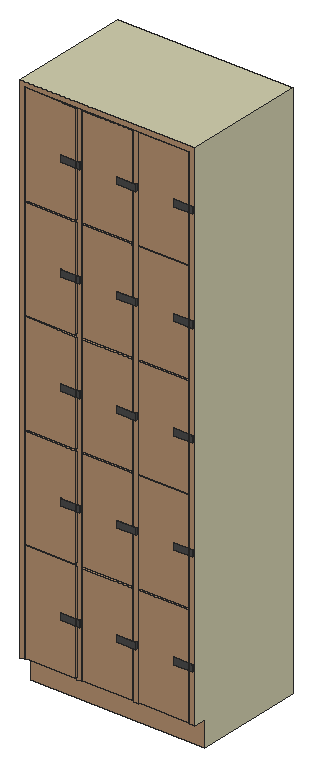
Revit family "Cabinet_Wenger_UltraStor_01", category Furniture, Revit 2015
Parameters (values of type "UltraStor Cabinet #01 - Comp Wood Doors")
  URL = "https://www.wengercorp.com/"
  Type Comments = ""
  Specification = "http://www.arcat.com/sdspecs/htm04/12_35_83wen.htm"
  Shelf Thickness = 0' - 1 1/8"
  Sales Information = "https://www.wengercorp.com/contact-us.php"
  Revision = "R1_2018-04"
  Rear Panel Thickness = 0' - 0 3/4"
  Product Data = "http://www.arcat.com/arcatcos/cos36/arc36487.html"
  Manufacturer Website = "https://www.wengercorp.com/"
  Manufacturer Phone - Toll Free = "800-4WENGER"
  Manufacturer Phone = "(507) 455-4100"
  Manufacturer Fax = "(507) 455-4258"
  Manufacturer Address = "555 Park Dr., Owatonna, MN 55060"
  Keynote = "12 35 83"
  HasDoors = yes
  Green Building-LEED = "http://www.arcat.com/green/clients/leed_data_36487.html"
  Drawn By = "Sumex Design, Inc. / Robert S. Weygant, CSI, CDT, SCIP"
  Door Width = (Cabinet Width - 0' 3") / 3  # 0' - 8.16667"
  Door Style = Door_Base : Solid Door
  Door Material [instance] = Wenger Cherry (Use Cherry Edge Band Only)
  Door Height = (Cabinet Height - 0' 4 3/4") / 5  # 1' - 4.175"
  Toe Kick Material [instance] = Wenger Cherry (Use Cherry Edge Band Only)
  RH End Panel [instance] = no
  Model = "#01"
  Manufacturer = "Wenger Corporation"
  LH End Panel [instance] = no
  End Panel Material [instance] = Wenger Cherry (Use Cherry Edge Band Only)
  Edge Banding Material [instance] = Wenger Cherry (Use Cherry Edge Band Only)
  Cost = 0
  Copyright = "© 2018 Arcat Inc."
  Construction Details = "http://www.arcat.com/details/wengerco/wengerco.html?coid=36487"
  Body Material [instance] = Wenger - Oyster
  Description = "Wenger UltraStor Cabinet #01 - Comp Wood Doors"
  Cabinet Width = 2' - 3 1/2"
  Cabinet Height = 7' - 1 5/8"
  Installed Depth = 1' - 7 1/4"
  Cabinet Panel Thickness = 0' - 0 3/4"
  Assembly Code = "E2010200"
Types (14): name | Rear Panel Thickness | HasDoors | Door Width | Door Style | Door Material | Model | Description | Cabinet Width | Installed Depth
  Acoustic Cabinet #01 - No Doors | 0' - 3 1/4" | no | 0' - 8.16667" | Door_Base : Solid Door | none | "#01A" | "Wenger Acoustic Cabinet #01 - No Doors" | 2' - 3 1/2" | 1' - 9 3/4"
  Narrow Acoustic Cabinet #01 - No Doors | 0' - 3 1/4" | no | 0' - 6.16667" | Door_Base : Solid Door | none | "#01NA" | "Wenger Narrow Acoustic Cabinet #01 - No Doors" | 1' - 9 1/2" | 1' - 9 3/4"
  Narrow Acoustic Cabinet #01 - Comp Grille Doors | 0' - 3 1/4" | yes | 0' - 6.16667" | Door_Base : Bars | Painted Black | "#01NA" | "Wenger Narrow Acoustic Cabinet #01 - Comp Grille Doors" | 1' - 9 1/2" | 1' - 9 3/4"
  Narrow Acoustic Cabinet #01 - Comp Waterfall Grille Doors | 0' - 3 1/4" | yes | 0' - 6.16667" | Door_Base : Waterfall | Painted Black | "#01NA" | "Wenger Narrow Acoustic Cabinet #01 - Comp Waterfall Grille Doors" | 1' - 9 1/2" | 1' - 9 3/4"
  Acoustic Cabinet #01 - Comp Grille Doors | 0' - 3 1/4" | yes | 0' - 8.16667" | Door_Base : Bars | Painted Black | "#01A" | "Wenger Acoustic Cabinet #01 - Comp Grille Doors" | 2' - 3 1/2" | 1' - 9 3/4"
  Acoustic Cabinet #01 - Comp Waterfall Grille Doors | 0' - 3 1/4" | yes | 0' - 8.16667" | Door_Base : Waterfall | Painted Black | "#01A" | "Wenger Acoustic Cabinet #01 - Comp Waterfall Grille Doors" | 2' - 3 1/2" | 1' - 9 3/4"
  Narrow UltraStor Cabinet #01 - Comp Grille Doors | 0' - 0 3/4" | yes | 0' - 6.16667" | Door_Base : Bars | Painted Black | "#01N" | "Wenger Narrow Cabinet #01 - Comp Grille Doors" | 1' - 9 1/2" | 1' - 7 1/4"
  Narrow UltraStor Cabinet #01 - Comp Wood Doors | 0' - 0 3/4" | yes | 0' - 6.16667" | Door_Base : Solid Door | Wenger Cherry (Use Cherry Edge Band Only) | "#01N" | "Wenger Narrow Cabinet #01 - Comp Wood Doors" | 1' - 9 1/2" | 1' - 7 1/4"
  UltraStor Cabinet #01 - Comp Grille Doors | 0' - 0 3/4" | yes | 0' - 8.16667" | Door_Base : Bars | Painted Black | "#01" | "Wenger UltraStor Cabinet #01 - Comp Grille Doors" | 2' - 3 1/2" | 1' - 7 1/4"
  UltraStor Cabinet #01 - Comp Waterfall Grille Doors | 0' - 0 3/4" | yes | 0' - 8.16667" | Door_Base : Waterfall | Painted Black | "#01" | "Wenger UltraStor Cabinet #01 - Comp Waterfall Grille Doors" | 2' - 3 1/2" | 1' - 7 1/4"
  UltraStor Cabinet #01 - No Doors | 0' - 0 3/4" | no | 0' - 8.16667" | Door_Base : Solid Door | none | "#01" | "Wenger UltraStor Cabinet #01 - No Doors" | 2' - 3 1/2" | 1' - 7 1/4"
  Narrow UltraStor Cabinet #01 - No Doors | 0' - 0 3/4" | no | 0' - 6.16667" | Door_Base : Solid Door | none | "#01N" | "Wenger Narrow Cabinet #01 - No Doors" | 1' - 9 1/2" | 1' - 7 1/4"
  Narrow UltraStor Cabinet #01 - Comp Waterfall Grille Doors | 0' - 0 3/4" | yes | 0' - 6.16667" | Door_Base : Waterfall | Painted Black | "#01N" | "Wenger Narrow Cabinet #01 - Comp Waterfall Grille Doors" | 1' - 9 1/2" | 1' - 7 1/4"
  UltraStor Cabinet #01 - Comp Wood Doors | 0' - 0 3/4" | yes | 0' - 8.16667" | Door_Base : Solid Door | Wenger Cherry (Use Cherry Edge Band Only) | "#01" | "Wenger UltraStor Cabinet #01 - Comp Wood Doors" | 2' - 3 1/2" | 1' - 7 1/4"
Reference planes (in)
  plane 1 "Front": y = 0
  plane 2: z = 0
  plane 3 "Left": x = 0
  plane 4 "Right": x = 27.5
  plane 5 "Back": y = 19.25
  plane 6 "Top": z = 85.625
  plane 7: z = 4
  plane 8: z = 20.175
  plane 9: z = 36.35
  plane 10: z = 52.525
  plane 11: z = 68.7
  plane 12: x = 0.75
  plane 13: x = 26.75
  plane 14: z = 84.875
  plane 15: x = 8.91667
  plane 16: x = 9.66667
  plane 17: x = 17.83333
  plane 18: x = 18.58333
  plane 19: y = 18.5
  plane 20: y = 2
  plane 21: y = 0.75
  plane 22: z = 21.3
  plane 23: z = 37.475
  plane 24: z = 53.65
  plane 25: z = 69.825
  plane 26: z = 5.125
Forms (in)
  Extrusion 1, solid, material "Wenger - Oyster" <- "Body Material"
    sketch origin (0, 0, 0) x (0, 1, 0) y (0, 0, 1)
      loop
        line (0, 85.625) -> (0, 4) -> (2, 4) -> (2, 0) -> (19.25, 0) -> (19.25, 85.625) -> (0, 85.625)
    from 0 to 27.5
  Extrusion 2, void
    sketch origin (0, 0, 0) x (0, 1, 0) y (0, 0, 1)
      loop
        line (-5.5, 84.875) -> (-5.5, 4) -> (0.75, 4)
        arc (0.75, 4) -> (1.15915, 4.80234) -> (2, 5.125) r 1.25694
        line (2, 5.125) -> (18.5, 5.125) -> (18.5, 20.175) -> (0.75, 20.175)
        arc (0.75, 20.175) -> (1.18296, 20.95088) -> (2, 21.3) r 1.375
        line (2, 21.3) -> (18.5, 21.3) -> (18.5, 36.35) -> (0.75, 36.35)
        arc (0.75, 36.35) -> (1.18296, 37.12588) -> (2, 37.475) r 1.375
        line (2, 37.475) -> (18.5, 37.475) -> (18.5, 52.525) -> (0.75, 52.525)
        arc (0.75, 52.525) -> (1.18296, 53.30088) -> (2, 53.65) r 1.375
        line (2, 53.65) -> (18.5, 53.65) -> (18.5, 68.7) -> (0.75, 68.7)
        arc (0.75, 68.7) -> (1.18296, 69.47588) -> (2, 69.825) r 1.375
        line (2, 69.825) -> (18.5, 69.825) -> (18.5, 84.875) -> (-5.5, 84.875)
    from 0.75 to 8.91667
  Extrusion 3, void
    sketch origin (0, 0, 0) x (0, 1, 0) y (0, 0, 1)
      loop
        line (-5.5, 84.875) -> (-5.5, 4) -> (0.75, 4)
        arc (0.75, 4) -> (1.18296, 4.77588) -> (2, 5.125) r 1.375
        line (2, 5.125) -> (18.5, 5.125) -> (18.5, 20.175) -> (0.75, 20.175)
        arc (0.75, 20.175) -> (1.18296, 20.95088) -> (2, 21.3) r 1.375
        line (2, 21.3) -> (18.5, 21.3) -> (18.5, 36.35) -> (0.75, 36.35)
        arc (0.75, 36.35) -> (1.18296, 37.12588) -> (2, 37.475) r 1.375
        line (2, 37.475) -> (18.5, 37.475) -> (18.5, 52.525) -> (0.75, 52.525)
        arc (0.75, 52.525) -> (1.18296, 53.30088) -> (2, 53.65) r 1.375
        line (2, 53.65) -> (18.5, 53.65) -> (18.5, 68.7) -> (0.75, 68.7)
        arc (0.75, 68.7) -> (1.18296, 69.47588) -> (2, 69.825) r 1.375
        line (2, 69.825) -> (18.5, 69.825) -> (18.5, 84.875) -> (-5.5, 84.875)
    from 9.66667 to 17.83333
  Extrusion 4, void
    sketch origin (0, 0, 0) x (0, 1, 0) y (0, 0, 1)
      loop
        line (-5.5, 84.875) -> (-5.5, 4) -> (0.75, 4)
        arc (0.75, 4) -> (1.18296, 4.77588) -> (2, 5.125) r 1.375
        line (2, 5.125) -> (18.5, 5.125) -> (18.5, 20.175) -> (0.75, 20.175)
        arc (0.75, 20.175) -> (1.18296, 20.95088) -> (2, 21.3) r 1.375
        line (2, 21.3) -> (18.5, 21.3) -> (18.5, 36.35) -> (0.75, 36.35)
        arc (0.75, 36.35) -> (1.18296, 37.12588) -> (2, 37.475) r 1.375
        line (2, 37.475) -> (18.5, 37.475) -> (18.5, 52.525) -> (0.75, 52.525)
        arc (0.75, 52.525) -> (1.18296, 53.30088) -> (2, 53.65) r 1.375
        line (2, 53.65) -> (18.5, 53.65) -> (18.5, 68.7) -> (0.75, 68.7)
        arc (0.75, 68.7) -> (1.18296, 69.47588) -> (2, 69.825) r 1.375
        line (2, 69.825) -> (18.5, 69.825) -> (18.5, 84.875) -> (-5.5, 84.875)
    from 18.58333 to 26.75
  Extrusion 5, void
    sketch origin (0, 0, 0) x (0, 1, 0) y (0, 0, 1)
      loop
        line (0, 84.875) -> (0, 4) -> (0.0625, 4) -> (0.0625, 84.875) -> (0, 84.875)
    from 0.75 to 26.75
Cuts and joins
  Extrusion 2, Extrusion 3, Extrusion 4, Extrusion 5 cuts Extrusion 1
Lines and regions (in)
  Masking region 1
    outline origin (0, 0, 0) x (1, 0, 0) y (0, 1, 0)
      loop
        line (0, 19.25) -> (0, 0) -> (27.5, 0) -> (27.5, 19.25) -> (0, 19.25)
Dimensions and locks (in)
  "Cabinet Panel Thickness": plane 3 "Left" to plane 12
  "Cabinet Panel Thickness": plane 13 to plane 4 "Right"
  "Cabinet Panel Thickness": plane 5 "Back" to plane 19
  locked: plane 1 "Front" to plane 21 at 0.75
  locked: plane 1 "Front" to plane 20 at 2
  "Shelf Thickness": plane 22 to plane 8
  "Shelf Thickness": plane 23 to plane 9
  "Shelf Thickness": plane 24 to plane 10
  "Shelf Thickness": plane 25 to plane 11
  "Cabinet Panel Thickness": plane 6 "Top" to plane 14
  equal spacing: plane 14, plane 11, plane 10, plane 9, plane 8, plane 7
  "Shelf Thickness": plane 26 to plane 7
  "Cabinet Width": plane 3 "Left" to plane 4 "Right"
  locked: plane 7 to level at 4
  "Cabinet Height": plane 6 "Top" to level
  "Installed Depth": plane 1 "Front" to plane 5 "Back"
  "Door Width": plane 15 to plane 12
  "Door Width": plane 17 to plane 16
  "Door Width": plane 13 to plane 18
  plane 3 "Left" to plane 4 "Right" = 2' - 3 1/2"
  locked: plane 18 to plane 17 at 0.75
  equal spacing: plane 16, nested 2, plane 17
  equal spacing: plane 5 "Back", nested 2, plane 1 "Front"
  aligned and locked: Extrusion 1 sketch curve to plane 6 "Top"
  aligned and locked: Extrusion 1 sketch curve to plane 5 "Back"
  aligned and locked: Extrusion 1 sketch curve to plane 1 "Front"
  aligned and locked: Extrusion 1 sketch curve to plane 7
  aligned and locked: Extrusion 1 sketch curve to plane 20
  aligned and locked: Extrusion 1 sketch curve to level
  aligned and locked: Extrusion 1 to plane 4 "Right"
  aligned and locked: Extrusion 1 to plane 3 "Left"
  aligned and locked: Extrusion 2 sketch curve to plane 14
  aligned and locked: Extrusion 2 sketch curve to plane 19
  aligned and locked: Extrusion 2 sketch curve to plane 11
  aligned and locked: Extrusion 2 sketch curve to plane 24
  aligned and locked: Extrusion 2 sketch curve to plane 10
  aligned and locked: Extrusion 2 sketch curve to plane 23
  aligned and locked: Extrusion 2 sketch curve to plane 9
  aligned and locked: Extrusion 2 sketch curve to plane 22
  aligned and locked: Extrusion 2 sketch curve to plane 8
  aligned and locked: Extrusion 2 sketch curve to plane 26
  aligned and locked: Extrusion 2 sketch curve to plane 25
  aligned and locked: Extrusion 2 to plane 12
  aligned and locked: plane 15 to Extrusion 2
  aligned and locked: plane 17 to Extrusion 3
  aligned and locked: Extrusion 3 to plane 16
  aligned and locked: Extrusion 4 to plane 13
  aligned and locked: Extrusion 4 to plane 18
  aligned and locked: Extrusion 5 sketch curve to cut or joined group of Extrusion 1, Extrusion 2, Extrusion 3, Extrusion 4, Extrusion 5  (x3)
  aligned and locked: Extrusion 5 to plane 13
  aligned and locked: Extrusion 5 to plane 12
  aligned and locked: plane 10 to nested 11
  aligned and locked: nested 3 to plane 12
  aligned and locked: plane 15 to nested 3
  aligned and locked: nested 3 to plane 11
  aligned and locked: plane 14 to nested 3
  aligned and locked: plane 14 to nested 4
  aligned and locked: nested 4 to plane 11
  aligned and locked: nested 4 to plane 16
  aligned and locked: plane 17 to nested 4
  aligned and locked: cut or joined group of Extrusion 1, Extrusion 2, Extrusion 3, Extrusion 4, Extrusion 5 to plane 18
  aligned and locked: cut or joined group of Extrusion 1, Extrusion 2, Extrusion 3, Extrusion 4, Extrusion 5 to plane 13
  aligned and locked: plane 14 to nested 5
  aligned and locked: nested 5 to plane 11
  aligned and locked: plane 11 to cut or joined group of Extrusion 1, Extrusion 2, Extrusion 3, Extrusion 4, Extrusion 5  (x2)
  aligned and locked: plane 11 to nested 7
  aligned and locked: plane 11 to nested 8
  aligned and locked: plane 11 to nested 6
  aligned and locked: nested 8 to plane 10
  aligned and locked: nested 7 to plane 10
  aligned and locked: nested 6 to plane 10
  aligned and locked: plane 10 to cut or joined group of Extrusion 1, Extrusion 2, Extrusion 3, Extrusion 4, Extrusion 5
  aligned and locked: plane 10 to nested 10
  aligned and locked: plane 10 to nested 9
  aligned and locked: nested 9 to plane 9
  aligned and locked: plane 9 to nested 12
  aligned and locked: nested 10 to plane 9
  aligned and locked: plane 9 to nested 13
  aligned and locked: nested 11 to plane 9
  aligned and locked: plane 9 to nested 14
  aligned and locked: nested 12 to plane 8
  aligned and locked: plane 8 to nested 15
  aligned and locked: nested 13 to plane 8
  aligned and locked: plane 8 to nested 16
  aligned and locked: nested 14 to plane 8
  aligned and locked: plane 8 to nested 17
  aligned and locked: nested 17 to plane 13
  aligned and locked: nested 14 to plane 13
  aligned and locked: nested 11 to plane 13
  aligned and locked: nested 8 to plane 13
  aligned and locked: nested 5 to plane 13
  aligned and locked: nested 5 to plane 18
  aligned and locked: nested 8 to plane 18
  aligned and locked: nested 11 to plane 18
  aligned and locked: nested 14 to plane 18
  aligned and locked: nested 17 to plane 18
  aligned and locked: plane 17 to cut or joined group of Extrusion 1, Extrusion 2, Extrusion 3, Extrusion 4, Extrusion 5
  aligned and locked: plane 17 to nested 13
  aligned and locked: plane 17 to nested 10
  aligned and locked: plane 17 to nested 7
  aligned and locked: nested 10 to plane 16
  aligned and locked: nested 13 to plane 16
  aligned and locked: nested 7 to plane 16
  aligned and locked: nested 16 to plane 16
  aligned and locked: plane 15 to nested 15
  aligned and locked: plane 15 to nested 12
  aligned and locked: plane 15 to nested 9
  aligned and locked: plane 15 to nested 6
  aligned and locked: nested 6 to plane 12
  aligned and locked: nested 9 to plane 12
  aligned and locked: nested 12 to plane 12
  aligned and locked: nested 15 to plane 12
  aligned and locked: plane 7 to cut or joined group of Extrusion 1, Extrusion 2, Extrusion 3, Extrusion 4, Extrusion 5
  aligned and locked: nested 16 to plane 7
  aligned and locked: nested 17 to plane 7
  aligned and locked: nested 15 to plane 7
  aligned and locked: plane 21 to Extrusion 2 sketch curve
  aligned and locked: plane 1 "Front" to nested 18
  aligned and locked: nested 18 to level
  aligned and locked: nested 18 to plane 4 "Right"
  aligned and locked: Masking region 1 sketch curve to plane 5 "Back"
  aligned and locked: Masking region 1 sketch curve to plane 1 "Front"
  aligned and locked: plane 3 "Left" to Masking region 1 sketch curve
  aligned and locked: plane 4 "Right" to Masking region 1 sketch curve
Automatic sketch dimensions
  Extrusion 3 sketch curve to plane 14 = 0' - 0"
  Extrusion 3 sketch curve to plane 7 = 0' - 0"
  Extrusion 3 sketch curve to plane 21 = 0' - 0"  (x5)
  Extrusion 3 sketch curve to plane 11 = 0' - 0"
  Extrusion 3 sketch curve to plane 8 = 0' - 0"
  Extrusion 3 sketch curve to plane 10 = 0' - 0"
  Extrusion 3 sketch curve to plane 9 = 0' - 0"
  Extrusion 3 sketch curve to plane 20 = 0' - 0"  (x5)
  Extrusion 3 sketch curve to plane 19 = 0' - 0"  (x5)
  Extrusion 3 sketch curve to plane 26 = 0' - 0"
  Extrusion 3 sketch curve to plane 22 = 0' - 0"
  Extrusion 3 sketch curve to plane 23 = 0' - 0"
  Extrusion 3 sketch curve to plane 24 = 0' - 0"
  Extrusion 3 sketch curve to plane 25 = 0' - 0"
  plane 1 "Front" to Extrusion 3 sketch curve = 0' - 5 1/2"
  Extrusion 3 sketch curve to plane 20 = 0' - 0.10279"  (x5)
  Extrusion 4 sketch curve to plane 14 = 0' - 0"
  Extrusion 4 sketch curve to plane 7 = 0' - 0"
  Extrusion 4 sketch curve to plane 21 = 0' - 0"  (x5)
  Extrusion 4 sketch curve to plane 11 = 0' - 0"
  Extrusion 4 sketch curve to plane 8 = 0' - 0"
  Extrusion 4 sketch curve to plane 10 = 0' - 0"
  Extrusion 4 sketch curve to plane 9 = 0' - 0"
  Extrusion 4 sketch curve to plane 20 = 0' - 0"  (x5)
  Extrusion 4 sketch curve to plane 19 = 0' - 0"  (x5)
  Extrusion 4 sketch curve to plane 26 = 0' - 0"
  Extrusion 4 sketch curve to plane 22 = 0' - 0"
  Extrusion 4 sketch curve to plane 23 = 0' - 0"
  Extrusion 4 sketch curve to plane 24 = 0' - 0"
  Extrusion 4 sketch curve to plane 25 = 0' - 0"
  plane 1 "Front" to Extrusion 4 sketch curve = 0' - 5 1/2"
  Extrusion 4 sketch curve to plane 20 = 0' - 0.10279"  (x5)
  plane 21 to Extrusion 5 sketch curve = 0' - 0 11/16"
  Extrusion 2 sketch curve to plane 7 = 0' - 0"
  Extrusion 2 sketch curve to plane 21 = 0' - 0"  (x4)
  Extrusion 2 sketch curve to plane 20 = 0' - 0"  (x5)
  Extrusion 2 sketch curve to plane 19 = 0' - 0"  (x4)
  plane 1 "Front" to Extrusion 2 sketch curve = 0' - 5 1/2"
  Extrusion 2 sketch curve to plane 20 = 0' - 0.10279"  (x4)
Nested families (in)
  nested 1: "End Panel" at (0, 4.25, 0) x (0, -1, 0) z (0, 0, 1), End Panel Material <- "End Panel Material", visible <- "LH End Panel", Edge Banding Material <- "Edge Banding Material", type "End Panel"
    with End Panel Material Wenger Cherry (Use Cherry Edge Band Only), Edge Banding Material Wenger Cherry (Use Cherry Edge Band Only), End Panel Depth 1' - 7 1/4"
  nested 2: "Labels" at (13.75, 9.625, 0), type "Labels"
  nested 3: "Door_Base" at (4.83333, 0, 68.7) x (1, 0, 0) z (0, -1, 0), type <- "Door Style", Height <- "Door Height", Width <- "Door Width", visible <- "HasDoors", type "Solid Door", detail levels medium+fine
    with vBars 6, Width 0' - 8.16667", ToeKick Height 0' - 4", MidBar no, Height 1' - 4.175", BarHt 1' - 3.675", 2HzBars no
  nested 4: "Door_Base" at (13.75, 0, 68.7) x (1, 0, 0) z (0, -1, 0), type <- "Door Style", Height <- "Door Height", Width <- "Door Width", visible <- "HasDoors", type "Solid Door", detail levels medium+fine
    with vBars 6, Width 0' - 8.16667", ToeKick Height 0' - 4", MidBar no, Height 1' - 4.175", BarHt 1' - 3.675", 2HzBars no
  nested 5: "Door_Base" at (22.66667, 0, 68.7) x (1, 0, 0) z (0, -1, 0), type <- "Door Style", Height <- "Door Height", Width <- "Door Width", visible <- "HasDoors", type "Solid Door", detail levels medium+fine
    with vBars 6, Width 0' - 8.16667", ToeKick Height 0' - 4", MidBar no, Height 1' - 4.175", BarHt 1' - 3.675", 2HzBars no
  nested 6: "Door_Base" at (4.83333, 0, 52.525) x (1, 0, 0) z (0, -1, 0), type <- "Door Style", Height <- "Door Height", Width <- "Door Width", visible <- "HasDoors", type "Solid Door", detail levels medium+fine
    with vBars 6, Width 0' - 8.16667", ToeKick Height 0' - 4", MidBar no, Height 1' - 4.175", BarHt 1' - 3.675", 2HzBars no
  nested 7: "Door_Base" at (13.75, 0, 52.525) x (1, 0, 0) z (0, -1, 0), type <- "Door Style", Height <- "Door Height", Width <- "Door Width", visible <- "HasDoors", type "Solid Door", detail levels medium+fine
    with vBars 6, Width 0' - 8.16667", ToeKick Height 0' - 4", MidBar no, Height 1' - 4.175", BarHt 1' - 3.675", 2HzBars no
  nested 8: "Door_Base" at (22.66667, 0, 52.525) x (1, 0, 0) z (0, -1, 0), type <- "Door Style", Height <- "Door Height", Width <- "Door Width", visible <- "HasDoors", type "Solid Door", detail levels medium+fine
    with vBars 6, Width 0' - 8.16667", ToeKick Height 0' - 4", MidBar no, Height 1' - 4.175", BarHt 1' - 3.675", 2HzBars no
  nested 9: "Door_Base" at (4.83333, 0, 36.35) x (1, 0, 0) z (0, -1, 0), type <- "Door Style", Height <- "Door Height", Width <- "Door Width", visible <- "HasDoors", type "Solid Door", detail levels medium+fine
    with vBars 6, Width 0' - 8.16667", ToeKick Height 0' - 4", MidBar no, Height 1' - 4.175", BarHt 1' - 3.675", 2HzBars no
  nested 10: "Door_Base" at (13.75, 0, 36.35) x (1, 0, 0) z (0, -1, 0), type <- "Door Style", Height <- "Door Height", Width <- "Door Width", visible <- "HasDoors", type "Solid Door", detail levels medium+fine
    with vBars 6, Width 0' - 8.16667", ToeKick Height 0' - 4", MidBar no, Height 1' - 4.175", BarHt 1' - 3.675", 2HzBars no
  nested 11: "Door_Base" at (22.66667, 0, 36.35) x (1, 0, 0) z (0, -1, 0), type <- "Door Style", Height <- "Door Height", Width <- "Door Width", visible <- "HasDoors", type "Solid Door", detail levels medium+fine
    with vBars 6, Width 0' - 8.16667", ToeKick Height 0' - 4", MidBar no, Height 1' - 4.175", BarHt 1' - 3.675", 2HzBars no
  nested 12: "Door_Base" at (4.83333, 0, 20.175) x (1, 0, 0) z (0, -1, 0), type <- "Door Style", Height <- "Door Height", Width <- "Door Width", visible <- "HasDoors", type "Solid Door", detail levels medium+fine
    with vBars 6, Width 0' - 8.16667", ToeKick Height 0' - 4", MidBar no, Height 1' - 4.175", BarHt 1' - 3.675", 2HzBars no
  nested 13: "Door_Base" at (13.75, 0, 20.175) x (1, 0, 0) z (0, -1, 0), type <- "Door Style", Height <- "Door Height", Width <- "Door Width", visible <- "HasDoors", type "Solid Door", detail levels medium+fine
    with vBars 6, Width 0' - 8.16667", ToeKick Height 0' - 4", MidBar no, Height 1' - 4.175", BarHt 1' - 3.675", 2HzBars no
  nested 14: "Door_Base" at (22.66667, 0, 20.175) x (1, 0, 0) z (0, -1, 0), type <- "Door Style", Height <- "Door Height", Width <- "Door Width", visible <- "HasDoors", type "Solid Door", detail levels medium+fine
    with vBars 6, Width 0' - 8.16667", ToeKick Height 0' - 4", MidBar no, Height 1' - 4.175", BarHt 1' - 3.675", 2HzBars no
  nested 15: "Door_Base" at (4.83333, 0, 4) x (1, 0, 0) z (0, -1, 0), type <- "Door Style", Height <- "Door Height", Width <- "Door Width", visible <- "HasDoors", type "Solid Door", detail levels medium+fine
    with vBars 6, Width 0' - 8.16667", ToeKick Height 0' - 4", MidBar no, Height 1' - 4.175", BarHt 1' - 3.675", 2HzBars no
  nested 16: "Door_Base" at (13.75, 0, 4) x (1, 0, 0) z (0, -1, 0), type <- "Door Style", Height <- "Door Height", Width <- "Door Width", visible <- "HasDoors", type "Solid Door", detail levels medium+fine
    with vBars 6, Width 0' - 8.16667", ToeKick Height 0' - 4", MidBar no, Height 1' - 4.175", BarHt 1' - 3.675", 2HzBars no
  nested 17: "Door_Base" at (22.66667, 0, 4) x (1, 0, 0) z (0, -1, 0), type <- "Door Style", Height <- "Door Height", Width <- "Door Width", visible <- "HasDoors", type "Solid Door", detail levels medium+fine
    with vBars 6, Width 0' - 8.16667", ToeKick Height 0' - 4", MidBar no, Height 1' - 4.175", BarHt 1' - 3.675", 2HzBars no
  nested 18: "End Panel" at (28.25, 4.25, 0) x (0, -1, 0) z (0, 0, 1), End Panel Material <- "End Panel Material", Edge Banding Material <- "Edge Banding Material", visible <- "RH End Panel", type "End Panel"
    with End Panel Material Wenger Cherry (Use Cherry Edge Band Only), Edge Banding Material Wenger Cherry (Use Cherry Edge Band Only), End Panel Depth 1' - 7 1/4"
Definition of nested family "End Panel"
  Parameters (values of type "End Panel")
    End Panel Material [instance] = none
    End Panel Height = 7' - 1 5/8"
    End Panel Depth = 1' - 9 3/4"
    Edge Banding Material [instance] = none
    Default Elevation = 4' - 0"
    Assembly Code = ""
  Reference planes (in)
    plane 1 "Center (Front/Back)": y = 0
    plane 2: z = 0
    plane 3 "Center (Left/Right)": x = 0
    plane 4: x = -15
    plane 5: x = 6.75
    plane 6: z = 4
    plane 7: x = 4.75
    plane 8: z = 85.625
    plane 9: y = -0.75
  Forms (in)
    Extrusion 1, solid, material <- "End Panel Material"
      sketch origin (0, 0, 0) x (1, 0, 0) y (0, 0, 1)
        loop
          line (-15, 85.625) -> (-15, 0) -> (4.75, 0) -> (4.75, 4) -> (6.75, 4) -> (6.75, 85.625) -> (-15, 85.625)
      from 0 to 0.75
  Lines and regions (in)
    Masking region 1, detail levels coarse+medium
      outline origin (0, 0, 0) x (1, 0, 0) y (0, 1, 0)
        loop
          line (-15, 0) -> (-15, -0.75) -> (6.75, -0.75) -> (6.75, 0) -> (-15, 0)
  Dimensions and locks (in)
    locked: plane 7 to plane 5 at 2
    locked: plane 6 to level at 4
    "End Panel Height": plane 8 to level
    "End Panel Depth": plane 5 to plane 4
    locked: plane 9 to plane 1 "Center (Front/Back)" at 0.75
    aligned and locked: plane 4 to Extrusion 1 sketch curve
    aligned and locked: level to Extrusion 1 sketch curve
    aligned and locked: plane 7 to Extrusion 1 sketch curve
    aligned and locked: plane 6 to Extrusion 1 sketch curve
    aligned and locked: Extrusion 1 sketch curve to plane 5
    aligned and locked: Extrusion 1 sketch curve to plane 8
    aligned and locked: Extrusion 1 to plane 9
    aligned and locked: Extrusion 1 to plane 1 "Center (Front/Back)"
    aligned and locked: plane 4 to Masking region 1 sketch curve
    aligned and locked: Masking region 1 sketch curve to plane 5
    aligned and locked: plane 1 "Center (Front/Back)" to Masking region 1 sketch curve
    aligned and locked: plane 9 to Masking region 1 sketch curve
Definition of nested family "Door_Base"
  Parameters (values of type "None")
    vBars [instance] = (Width - 0' 2") / 0' 1"  # 6
    Width [instance] = 0' - 8"
    ToeKick Height [instance] = 0' - 4"
    Thickness = 0' - 0 3/4"
    Solid Door = no
    Shelf Thickness = 0' - 0 3/4"
    Panel Thickness = 0' - 0 3/4"
    MidBar [instance] = and(Height < 1' 6", HasDoor, not(Solid Door))  # no
    Height [instance] = 1' - 2 5/8"
    HasDoor = no
    Edge Banding = none
    DoorGap = 0' - 0 1/8"
    Door Finish = none
    Depth = 2' - 0"
    Default Elevation = 4' - 0"
    Bars = no
    BarStyle = Bars : Waterfall
    BarHt [instance] = Height - 0' 0 1/2"  # 1' - 2 1/8"
    2HzBars [instance] = and(Height > 1' 6", not(Solid Door))  # no
  Types (4): name | Thickness | Solid Door | MidBar | HasDoor | Bars | BarStyle
    Solid Door | 0' - 0 3/4" | yes | no | yes | no | Bars : Waterfall
    Bars | 0' - 0 1/4" | no | yes | yes | yes | Bars : Straight
    Waterfall | 0' - 0 3/4" | no | yes | yes | yes | Bars : Waterfall
    None | 0' - 0 3/4" | no | no | no | no | Bars : Waterfall
  Reference planes (in)
    plane 1 "Center (Front/Back)": y = 0
    plane 2: z = 0
    plane 3 "Center (Left/Right)": x = 0
    plane 4: x = -4
    plane 5: y = 14.625
    plane 6: x = 4
    plane 7: z = -0.75
    plane 8: x = -3.875
    plane 9: x = 3.875
    plane 10: y = 0.125
    plane 11: y = 14.5
    plane 12: y = -0.75
    plane 13 "CL Elev": y = 7.3125
    plane 14: x = -3.75
    plane 15: x = 3.75
    plane 16 "BtmRail": y = 0.25
    plane 17: y = 14.375
    plane 18: z = -0.125
    plane 19: x = -2.75
    plane 20: x = 2.75
    plane 21: y = 9.66667
    plane 22: y = 4.95833
  Forms (in)
    Extrusion 1, solid, material <- "Door Finish", visible <- "Solid Door", detail levels medium+fine
      sketch origin (0, 0, 0) x (1, 0, 0) y (0, 1, 0)
        loop
          arc (-3.75, 14.5) -> (-3.83839, 14.46339) -> (-3.875, 14.375) r 0.125
          line (-3.875, 14.375) -> (-3.875, 0.25)
          arc (-3.875, 0.25) -> (-3.83839, 0.16161) -> (-3.75, 0.125) r 0.125
          line (-3.75, 0.125) -> (3.75, 0.125)
          arc (3.75, 0.125) -> (3.83839, 0.16161) -> (3.875, 0.25) r 0.125
          line (3.875, 0.25) -> (3.875, 14.375)
          arc (3.875, 14.375) -> (3.83839, 14.46339) -> (3.75, 14.5) r 0.125
          line (3.75, 14.5) -> (-3.75, 14.5)
      from 0 to -0.75
    Sweep 2, solid, material <- "Door Finish", visible <- "Bars", detail levels medium+fine
      path origin (0, 0, 0) x (1, 0, 0) y (0, 1, 0)
        loop
          arc (-3.125, 14.5) -> (-3.65533, 14.28033) -> (-3.875, 13.75) r 0.75
          line (-3.875, 13.75) -> (-3.875, 0.875)
          arc (-3.875, 0.875) -> (-3.65533, 0.34467) -> (-3.125, 0.125) r 0.75
          line (-3.125, 0.125) -> (3.125, 0.125)
          arc (3.125, 0.125) -> (3.65533, 0.34467) -> (3.875, 0.875) r 0.75
          line (3.875, 0.875) -> (3.875, 13.75)
          arc (3.875, 13.75) -> (3.65533, 14.28033) -> (3.125, 14.5) r 0.75
          line (3.125, 14.5) -> (-3.125, 14.5)
      profile origin (0, 14.5, 0) x (0, 1, 0) y (0, 0, 1)
        loop
          circle (-0.125, -0.125) r 0.125
    Extrusion 3, solid, material <- "Door Finish", visible <- "MidBar", detail levels medium+fine
      sketch origin (0, 0, 0) x (0, 1, 0) y (0, 0, 1)
        loop
          circle (7.3125, -0.125) r 0.125
      from -3.75 to 3.75
    Extrusion 4, solid, visible <- "HasDoor", detail levels fine
      sketch origin (0, 0, 0) x (1, 0, 0) y (0, 1, 0)
        loop
          line (1.5, 7.8125) -> (1.5, 6.8125) -> (4.5, 6.8125) -> (4.5, 7.8125) -> (1.5, 7.8125)
      from 0 to 0.125
    Extrusion 5, solid, material <- "Door Finish", visible <- "2HzBars", detail levels medium+fine
      sketch origin (0, 0, 0) x (0, 1, 0) y (0, 0, 1)
        loop
          circle (9.66667, -0.125) r 0.125
        loop
          circle (4.95833, -0.125) r 0.125
      from -3.75 to 3.75
  Lines and regions (in)
    symbolic lines, visible <- "HasDoor", detail levels medium+fine
      curve 1: line (4, 0.25, 0) -> (-4, 0.25, 0)
      curve 2: line (-4, 0.25, 0) -> (-4, 0.25, 8)
      curve 3: arc (4, 0.25, 0) -> (1.65685, 0.25, 5.65685) -> (-4, 0.25, 8) r 8
    symbolic lines, visible <- "HasDoor"
      curve 4: line (3.875, 0.25, 0) -> (3.875, 0.25, -0.75)
      curve 5: line (3.875, 0.25, -0.75) -> (-3.875, 0.25, -0.75)
      curve 6: line (-3.875, 0.25, -0.75) -> (-3.875, 0.25, 0)
    symbolic lines, detail levels medium
      curve 7: line (3.875, 14.5, 0) -> (-3.875, 7.3125, 0)
      curve 8: line (-3.875, 7.3125, 0) -> (3.875, 0.125, 0)
  Dimensions and locks (in)
    "Height": plane 1 "Center (Front/Back)" to plane 5
    "Thickness": level to plane 7
    equal spacing: plane 4, plane 3 "Center (Left/Right)", plane 6
    "Width": plane 4 to plane 6
    "DoorGap": plane 5 to plane 11
    "DoorGap": plane 9 to plane 6
    "DoorGap": plane 4 to plane 8
    "DoorGap": plane 1 "Center (Front/Back)" to plane 10
    "Shelf Thickness": plane 1 "Center (Front/Back)" to plane 12
    equal spacing: plane 1 "Center (Front/Back)", plane 13 "CL Elev", plane 5
    locked: plane 15 to plane 9 at 0.125
    locked: plane 8 to plane 14 at 0.125
    locked: plane 11 to plane 17 at 0.125
    locked: plane 16 "BtmRail" to plane 10 at 0.125
    locked: level to plane 18 at 0.125
    plane 19 to plane 14 = 0' - 1"
    locked: plane 15 to plane 20 at 1
    Extrusion 4 sketch curve to plane 13 "CL Elev" to Extrusion 4 sketch curve = 0' - 0 1/2" locked, 0' - 0 1/2" locked
    locked: plane 6 to Extrusion 4 sketch curve at 0.5
    locked: Extrusion 4 sketch curve to plane 6 at 2.5
    locked: Extrusion 4 to level at 0.125
    equal spacing: group 1, group 3, group 4, group 5, group 6, group 2  (x3)
    equal spacing: plane 17, plane 21, plane 22, plane 16 "BtmRail"
    "Width": radius of curve 3
    aligned and locked: plane 2 to level
    aligned and locked: Extrusion 1 sketch curve to plane 11
    aligned and locked: plane 8 to Extrusion 1 sketch curve
    aligned and locked: Extrusion 1 sketch curve to plane 9
    aligned and locked: plane 10 to Extrusion 1 sketch curve
    aligned and locked: Extrusion 1 to plane 7
    aligned and locked: level to Extrusion 1
    aligned and locked: Sweep 2 sketch curve to plane 11
    aligned and locked: plane 8 to Sweep 2 sketch curve
    aligned and locked: plane 10 to Sweep 2 sketch curve
    aligned and locked: Sweep 2 sketch curve to plane 9
    aligned and locked: plane 15 to Extrusion 3
    aligned and locked: Extrusion 3 to plane 14
    aligned and locked: plane 20 to nested 2
    aligned and locked: plane 19 to nested 1
    aligned and locked: plane 21 to Extrusion 5 sketch curve
    aligned and locked: plane 18 to Extrusion 5 sketch curve  (x2)
    aligned and locked: plane 22 to Extrusion 5 sketch curve
    aligned and locked: Extrusion 5 to Extrusion 3  (x2)
    aligned and locked: plane 4 to curve 3  (x2)
    aligned and locked: level to curve 3
    aligned and locked: plane 7 to curve 5
    aligned and locked: Extrusion 1 to plane 8
    aligned and locked: plane 9 to Extrusion 1
    aligned and locked: plane 10 to curve 8
    aligned and locked: plane 9 to curve 8
    aligned and locked: plane 13 "CL Elev" to curve 8
    aligned and locked: plane 11 to curve 7
    aligned and locked: plane 9 to curve 7
  Automatic sketch dimensions
    plane 8 to Sweep 2 sketch curve = 0' - 0 3/4"  (x2)
    Sweep 2 sketch curve to plane 9 = 0' - 0 3/4"
    Sweep 2 sketch curve to Sweep 2 sketch curve = 0' - 0 3/4"
    Sweep 2 sketch curve to level = 0' - 0 1/8"
    profile plane to Sweep 2 sketch curve = 0' - 0 1/8"
    Extrusion 3 sketch curve to level = 0' - 0 1/8"
    Extrusion 3 sketch curve to plane 13 "CL Elev" = 0' - 0"
    curve 8 to plane 8 = 0' - 0"
    Extrusion 1 sketch curve to plane 14 = 0' - 0"  (x2)
    Extrusion 1 sketch curve to plane 15 = 0' - 0"  (x2)
    curve 5 to plane 9 = 0' - 0"
    curve 6 to plane 8 = 0' - 0"
    radius of Sweep 2 sketch curve = 0' - 0 1/8"
    radius of Extrusion 3 sketch curve = 0' - 0 1/8"
    radius of Extrusion 5 sketch curve = 0' - 0 1/8"  (x2)
  Nested families (in)
    nested 1: "Bars" at (-2.75, 0.25, -0.125) x (1, 0, 0) z (0, 1, 0), type <- "BarStyle", visible <- "Bars", type "Waterfall", detail levels fine
      with Lateral Deviation 0' - 1", Height 1' - 2 1/8"
    nested 2: "Bars" at (2.75, 0.25, -0.125) x (1, 0, 0) z (0, 1, 0), type <- "BarStyle", visible <- "Bars", type "Waterfall", detail levels fine
      with Lateral Deviation 0' - 1", Height 1' - 2 1/8"
    nested 3: "Bars" at (-1.65, 0.25, -0.125) x (1, 0, 0) z (0, 1, 0), type <- "BarStyle", visible <- "Bars", type "Waterfall", detail levels fine
      with Lateral Deviation 0' - 1", Height 1' - 2 1/8"
    nested 4: "Bars" at (-0.55, 0.25, -0.125) x (1, 0, 0) z (0, 1, 0), type <- "BarStyle", visible <- "Bars", type "Waterfall", detail levels fine
      with Lateral Deviation 0' - 1", Height 1' - 2 1/8"
    nested 5: "Bars" at (0.55, 0.25, -0.125) x (1, 0, 0) z (0, 1, 0), type <- "BarStyle", visible <- "Bars", type "Waterfall", detail levels fine
      with Lateral Deviation 0' - 1", Height 1' - 2 1/8"
    nested 6: "Bars" at (1.65, 0.25, -0.125) x (1, 0, 0) z (0, 1, 0), type <- "BarStyle", visible <- "Bars", type "Waterfall", detail levels fine
      with Lateral Deviation 0' - 1", Height 1' - 2 1/8"
  Definition of nested family "Bars"
    Parameters (values of type "Straight")
      WaterFall = no
      Straight = yes
      Lateral Deviation = 0' - 1 1/2"
      Height = 1' - 2 5/8"
      Default Elevation = 4' - 0"
      Bars = none
    Types (3): name | WaterFall | Straight
      (no name) | no | yes
      Waterfall | yes | no
      Straight | no | yes
    Reference planes (in)
      plane 1 "Center (Front/Back)": y = 0
      plane 2: z = 0
      plane 3 "Center (Left/Right)": x = 0
      plane 4: z = 14.625
      plane 5: z = 7.3125
      plane 6: x = 0.75
      plane 7: x = -0.75
      plane 8: z = 10.96875
      plane 9: z = 3.65625
    Forms (in)
      Sweep 1, solid, material <- "Bars", visible <- "WaterFall"
        path origin (0, 0, 0) x (1, 0, 0) y (0, 0, 1)
          loop
            arc (0, 0) -> (0.56057, 1.79006) -> (0.75, 3.65625) r 9.28711
            arc (0.75, 3.65625) -> (0.56057, 5.52244) -> (0, 7.3125) r 9.28711
        profile origin (0.56057, 0, 1.79006) x (-0.979603, 0, 0.200944) y (0, -1, 0)
          loop
            circle (0, 0) r 0.0625
      Sweep 2, solid, material <- "Bars", visible <- "WaterFall"
        path origin (0, 0, 14.625) x (-1, 0, 0) y (0, 0, -1)
          loop
            arc (0, 0) -> (0.56057, 1.79006) -> (0.75, 3.65625) r 9.28711
            arc (0.75, 3.65625) -> (0.56057, 5.52244) -> (0, 7.3125) r 9.28711
        profile origin (-0.56057, 0, 12.83494) x (0.979603, 0, -0.200944) y (0, -1, 0)
          loop
            circle (0, 0) r 0.0625
      Extrusion 3, solid, material <- "Bars", visible <- "Straight"
        sketch origin (0, 0, 0) x (1, 0, 0) y (0, 1, 0)
          loop
            circle (0, 0) r 0.0625
        from 0 to 14.625
    Dimensions and locks (in)
      "Height": plane 4 to level
      equal spacing: plane 6, plane 3 "Center (Left/Right)", plane 7
      "Lateral Deviation": plane 6 to plane 7
      equal spacing: plane 4, plane 8, plane 5, plane 9, level
      aligned and locked: plane 2 to level
      aligned and locked: plane 3 "Center (Left/Right)" to Sweep 1 sketch curve  (x2)
      aligned and locked: level to Sweep 1 sketch curve
      aligned and locked: plane 6 to Sweep 1 sketch curve
      aligned and locked: plane 9 to Sweep 1 sketch curve
      aligned and locked: plane 4 to Sweep 2 sketch curve
      aligned and locked: plane 3 "Center (Left/Right)" to Sweep 2 sketch curve  (x2)
      aligned and locked: plane 8 to Sweep 2 sketch curve
      aligned and locked: plane 7 to Sweep 2 sketch curve
      aligned and locked: plane 5 to Sweep 2 sketch curve
      aligned and locked: plane 4 to Extrusion 3
      aligned and locked: Extrusion 3 to level
    Automatic sketch dimensions
      plane 1 "Center (Front/Back)" to Sweep 1 sketch curve = 0' - 0"
      Sweep 1 sketch curve to profile plane = 0' - 0"
      Sweep 1 sketch curve to Sweep 1 sketch curve = 0' - 0"
      Sweep 2 sketch curve to plane 1 "Center (Front/Back)" = 0' - 0"
      Sweep 2 sketch curve to profile plane = 0' - 0"
      plane 1 "Center (Front/Back)" to Extrusion 3 sketch curve = 0' - 0"
      Extrusion 3 sketch curve to plane 3 "Center (Left/Right)" = 0' - 0"
      radius of Sweep 1 sketch curve = 0' - 0 1/16"
      radius of Sweep 2 sketch curve = 0' - 0 1/16"
      radius of Extrusion 3 sketch curve = 0' - 0 1/16"
Definition of nested family "Labels"
  Parameters
    Cabinet Label = "01"
  Reference planes (in)
    plane 1: y = 0
    plane 2: x = 0
  Text (in)
    label "xxxx" at (-0.00018, 0.00754, 0), shows "Cabinet Label"
